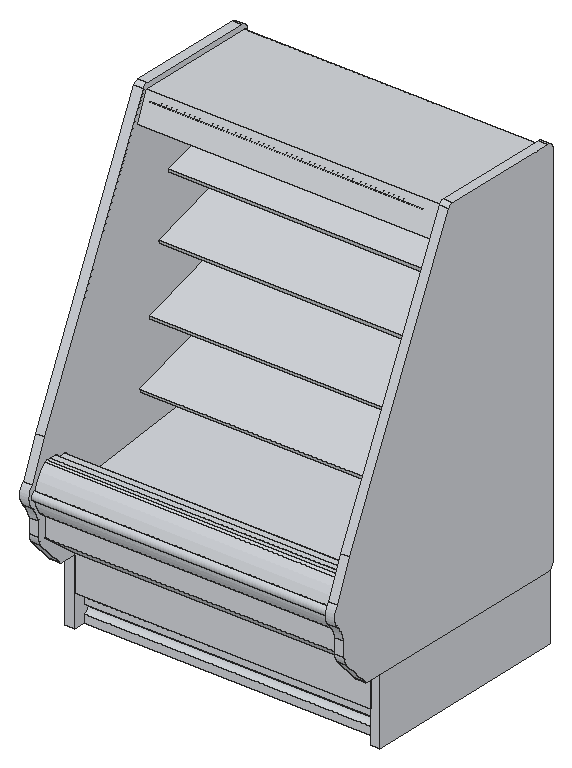
Revit family "O5UM-NRG", category Mechanical Equipment, Revit 2017
Family settings
  Round Connector Dimension = Use Radius
  Part Type = Normal
  OmniClass Number = 23.40.40.11.17
  OmniClass Title = Refrigerated Cases
  Work Plane-Based = Yes
  Always vertical = Yes
  Cut with Voids When Loaded = No
  Shared = No
  Room Calculation Point = No
Parameters (values of type "O5UM-NRG-04'")
  WIDTH = 43 1/4"  # constant formula
  WEIGHT = 0.00 lbf  # constant formula
  WATER LINE MOUNTING HEIGHT ABOVE FLOOR = 0"  # constant formula
  VOLTAGE = 120 V  # constant formula
  URL = "http://www.hillphoenix.com/?s=O5UM"
  Timed-Off Defrost Termination Temp = 42 °F
  Timed-Off Defrost Fail-Safe (Min) = "30"
  TIME OFF DEFROST = yes
  T8 LIGHTING BTU ADD PER ROW = 92
  T8 LIGHTING AMPS = T8 LIGHTING AMPS PER ROW * (SHELF LIGHT ROWS + CORNICE AND NOSE LIGHT ROWS)  # 0.23 A
  Superheat Set Point @ Bulb (°F) = "6-8"  # constant formula
  Standard Power Watts = 5.9 W
  Standard Power Amps = 0.05 A
  SHELF LIGHT ROWS = 1
  REVERSE AIR DEFROST = no
  REF PIPE LENGTH = 22 3/4"
  PARALLEL EVAPORATOR LOAD = (BTU PER FOOT PARALLEL * LENGTH FOR BTU) + BTU ADD FOR LIGHTS  # 4368
  Number of Fans = 1
  Lights Per Row = 1
  Light Length = "4'"
  LIGHTING WATTAGE = if(T8 LIGHT OR LED LIGHT, T8 LIGHTING WATTAGE, LED LIGHTING WATTAGE)  # 27.6 VA
  LIGHT AMPS = if(T8 LIGHT OR LED LIGHT, T8 LIGHTING AMPS, LED LIGHTING AMPS)  # 0.23 A
  TOTAL CASE WATTAGE = FAN WATTAGE + ANTI SWEAT HEATER WATTAGE + LIGHTING WATTAGE  # 41.6 W
  TOTAL CASE AMPS = ANTI SWEAT HEATER AMPS + FAN AMPS + LIGHT AMPS  # 0.43 A
  TOTAL APPARENT FAN-LIGHT AND A/S LOAD = TOTAL CASE WATTAGE / POWER FACTOR  # 41.6 VA
  TOEKICK INSET = 1 1/2"  # constant formula
  TOEKICK HEIGHT = 5 1/2"  # constant formula
  TOE KICK [instance] = none
  T8 LIGHTING WATTAGE = VOLTAGE * T8 LIGHTING AMPS  # 27.6 W
  T8 LIGHTING AMPS PER ROW = 0.23 A
  T8 LIGHT OR LED LIGHT = yes
  SUCTION LINE RADIUS = 7/16"  # constant formula
  SUCTION LINE DIAMETER = SUCTION LINE RADIUS * 2  # 7/8"
  SUCTION LINE CONNECTION = "SUCTION LINE CONNECTION"  # constant formula
  SIZE OF HOT WATER HOOK-UP = 0"  # constant formula
  SIZE OF COLD WATER HOOK UP = 0"  # constant formula
  SHELVE LENGTH = 48"
  SET BACK MODE FOR ENERGY CONSERVATION = "NO"  # constant formula
  RUBBER BUMPER [instance] = none
  RIGHT END [instance] = yes
  REFRIGERATION PIPING [instance] = none
  REF PLANE LEFT RIGHT = LENGTH / 2  # 24"
  REF PLANE FRONT BACK = WIDTH / 2  # 21 5/8"
  RECEPTICAL MOUNTING HEIGHT ABOVE FLOOR = 19 3/4"  # constant formula
  REAR REFRIGERATION [instance] = no
  PVC PIPE [instance] = none
  PRESSURE REGULATOR = 0.00 psi  # constant formula
  POWER FACTOR = 1  # constant formula
  PNET NUMBER = "NA"  # constant formula
  PHASE = 1  # constant formula
  PAINTED METAL UPPER SHELF [instance] = none
  PAINTED METAL INTERIOR [instance] = none
  PAINTED METAL EXTERIOR [instance] = none
  NUMBER OF WIRES = 3  # constant formula
  NEMA PLUG TYPE = "N/A"  # constant formula
  Model = "O5UM-NRG"
  Manufacturer = "HILL PHOENIX"  # constant formula
  MASTER BUMPER [instance] = none
  LIQUID LINE RADIUS = 3/16"  # constant formula
  LIQUID LINE DIAMETER = LIQUID LINE RADIUS * 2  # 3/8"
  LIQUID LINE CONNECTION = "LIQUID LINE CONNECTION"  # constant formula
  LIGHTING NUMBER OF POLES = 1
  LIGHTING CONNECTION DESCRIPTION = "LIGHTING CONNECTOR"  # constant formula
  LIGHTING APPARENT LOAD = (VOLTAGE * LIGHT AMPS) / POWER FACTOR  # 27.6 VA
  LIGHT TYPE = if(T8 LIGHT OR LED LIGHT, "T8 FLUORESCENT", "CLEARVOYANT LED")  # "T8 FLUORESCENT"
  LENGTH FOR BTU = LENGTH / 12"  # 4
  LENGTH = 48"
  LEGEND NUMBER = Model  # "O5UM-NRG"
  LEFT END [instance] = yes
  LED LIGHTING WATTAGE = VOLTAGE * LED LIGHTING AMPS  # 12 W
  LED LIGHTING BTU ADD PER ROW = 36
  LED LIGHTING AMPS PER ROW = 0.1 A
  LED LIGHTING AMPS = LED LIGHTING AMPS PER ROW * (SHELF LIGHT ROWS + CORNICE AND NOSE LIGHT ROWS)  # 0.1 A
  Keynote = "DAIRY/DELI/PRODUCE"  # constant formula
  ISOLATED GROUND REQUIRED = "NO"  # constant formula
  High Power (Cornice) Watts = 21.5 W
  High Power (Cornice) Amps = 0.18 A
  High Efficiency Watts = 14 W
  High Efficiency Amps = 0.2 A
  HOT GAS DEFROST = no
  HILL PHOENIX DRAWING NUMBER = "NA"  # constant formula
  HEIGHT = 66 1/8"  # constant formula
  GROUND FAULT PROTECTION = "NO"  # constant formula
  Front Sill Height = "All"
  FRONT PANEL [instance] = none
  FAN WATTAGE = 14 W
  FAN TYPE = "ECM"  # constant formula
  FAN QUANTITY = 1
  FAN NUMBER OF POLES = 1
  FAN CONNECTOR DESCRIPTION = "FAN AND ANTI SWEAT CONNECTOR"  # constant formula
  FAN APPARENT LOAD = (VOLTAGE * FAN AMPS) / POWER FACTOR  # 24 VA
  FAN AND ANTI SWEAT HEATER APPARENT LOAD = FAN APPARENT LOAD + ANTI SWEAT APPARENT LOAD  # 24 VA
  FAN AMPS = 0.2 A
  Evaporator (°F) = 28 °F
  EVAPORATOR TEMPERATURE = 28 °F  # constant formula
  ENGINEERING CONTACT = ""  # constant formula
  END PANEL [instance] = none
  ELECTRICAL DEFROST VOLTAGE = if(ELECTRIC DEFROST, 208 V, 0 V)  # 0 V
  ELECTRIC DEFROST = no
  Discharge Air Velocity (FPM) = 180 FPM  # constant formula
  Discharge Air (°F) = 31 °F
  Description = "MULTI DECK MERCHANDISER"  # constant formula
  Defrosts Per Day = 6
  Default Elevation = 48"
  DRIP PAN PLUMB TYPE = "HARD"  # constant formula
  DRAIN PIPE TYPE = "PVC"  # constant formula
  DRAIN PIPE LENGTH = 12"
  DRAIN LINE RADIUS = DRAIN LINE DIAMETER / 2  # 3/4"
  DRAIN LINE DIAMETER = 1 1/2"  # constant formula
  DRAIN LINE CONNECTION = "Drain Connection"  # constant formula
  DRAIN [instance] = yes
  DISCLAIMER [instance] = yes
  DISCHARGE AIR TEMPERATURE = 31 °F  # constant formula
  DIEBOARD HEIGHT = 0"  # constant formula
  DESIGNERS NAME = "PRAVEEN.J"  # constant formula
  DEFROST WATTAGE = ELECTRICAL DEFROST VOLTAGE * DEFROST AMPS  # 0 W
  DEFROST TIME AND DURATION = if(TIME OFF DEFROST, "2 @ 60 MIN", if(HOT GAS DEFROST, "2 @ 26 MIN.", "2 @ 40 MIN."))  # "2 @ 60 MIN"
  DEFROST PHASE = 1
  DEFROST AMPS = 0 A  # constant formula
  DEDICATED CIRCUIT = "YES"  # constant formula
  DATE = "08/01/12"  # constant formula
  CORNICE AND NOSE LIGHT ROWS = 0  # constant formula
  CONVENTIONAL EVAPORATOR LOAD = (BTU PER FOOT CONVENTIONAL * LENGTH FOR BTU) + BTU ADD FOR LIGHTS  # 4732
  CONTROL TYPE = "T-STAT"  # constant formula
  COIL REFRIGERATION CHARGE = 0.00 lbf
  CERTIFICATIONS = "NSF 7, UL471, CSA"  # constant formula
  BTUH Parallel = 1000
  BTUH Conventional = 1143
  BTU PER FOOT PARALLEL = 1000  # constant formula
  BTU PER FOOT CONVENTIONAL = 1091  # constant formula
  BTU ADD PER SHELF PER FOOT = if(T8 LIGHT OR LED LIGHT, T8 LIGHTING BTU ADD PER ROW, LED LIGHTING BTU ADD PER ROW)  # 92
  BTU ADD FOR LIGHTS = BTU ADD PER SHELF PER FOOT * SHELF LIGHT ROWS * LENGTH FOR BTU  # 368
  BOTTOM REFRIGERATION [instance] = yes
  BOTTOM ELECTRICAL [instance] = yes
  BASE HEIGHT = 5 1/8"  # constant formula
  BASE [instance] = none
  Assembly Code = ""
  Application Discipline = "Dairy/Deli/Produce"
  ANTI SWEAT HEATER WATTAGE = ANTI SWEAT HEATER AMPS * VOLTAGE  # 0 W
  ANTI SWEAT HEATER AMPS = 0 A  # constant formula
  ANTI SWEAT APPARENT LOAD = (ANTI SWEAT HEATER AMPS * VOLTAGE) * POWER FACTOR  # 0 VA
  SHELVE 2 = no
  SHELVE 1 = yes
  SHELVE 3 = no
  5" BF = no
  11" BF = yes
Types (12): name | T8 LIGHTING BTU ADD PER ROW | T8 LIGHTING AMPS | Standard Power Watts | Standard Power Amps | SHELF LIGHT ROWS | REF PIPE LENGTH | PARALLEL EVAPORATOR LOAD | Number of Fans | Lights Per Row | Light Length | LIGHTING WATTAGE | LIGHT AMPS | TOTAL CASE WATTAGE | TOTAL CASE AMPS | TOTAL APPARENT FAN-LIGHT AND A/S LOAD | T8 LIGHTING WATTAGE | T8 LIGHTING AMPS PER ROW | SHELVE LENGTH | REF PLANE LEFT RIGHT | Model | LIGHTING APPARENT LOAD | LENGTH FOR BTU | LENGTH | LEGEND NUMBER | LED LIGHTING WATTAGE | LED LIGHTING BTU ADD PER ROW | LED LIGHTING AMPS PER ROW | LED LIGHTING AMPS | High Power (Cornice) Watts | High Power (Cornice) Amps | High Efficiency Watts | High Efficiency Amps | Front Sill Height | FAN WATTAGE | FAN QUANTITY | FAN APPARENT LOAD | FAN AND ANTI SWEAT HEATER APPARENT LOAD | FAN AMPS | Evaporator (°F) | Discharge Air (°F) | DRAIN PIPE LENGTH | CONVENTIONAL EVAPORATOR LOAD | BTUH Parallel | BTUH Conventional | BTU ADD PER SHELF PER FOOT | BTU ADD FOR LIGHTS | Application Discipline | SHELVE 2 | SHELVE 3 | 5" BF
  O5UM-NRG-12' | 92 | 2.1 A | 17.6 W | 0.15 A | 3 | 28 5/8" | 15312 | 3 | 3 | "4'" | 252 VA | 2.1 A | 294 W | 2.7 A | 294 VA | 252 W | 0.7 A | 48" | 72" | "O5UM-NRG-12'" | 252 VA | 12 | 144" | "O5UM-NRG-12'" | 108 W | 36 | 0.3 A | 0.9 A | 44.8 W | 0.37 A | 42 W | 0.6 A | "All" | 42 W | 3 | 72 VA | 72 VA | 0.6 A | 28 °F | 31 °F | 0" | 16404 | 1000 | 1143 | 92 | 3312 | "Dairy/Deli/Produce" | yes | yes | yes
  O5UM-NRG-08' | 92 | 0.94 A | 11.8 W | 0.1 A | 2 | 28 5/8" | 9472 | 2 | 2 | "4'" | 112.8 VA | 0.94 A | 140.8 W | 1.34 A | 140.8 VA | 112.8 W | 0.47 A | 48" | 48" | "O5UM-NRG-8'" | 112.8 VA | 8 | 96" | "O5UM-NRG-8'" | 48 W | 36 | 0.2 A | 0.4 A | 29.9 W | 0.25 A | 28 W | 0.4 A | "All" | 28 W | 2 | 48 VA | 48 VA | 0.4 A | 28 °F | 31 °F | 0" | 10200 | 1000 | 1143 | 92 | 1472 | "Dairy/Deli/Produce" | no | yes | yes
  O5UM-NRG-06' | 69 | 0.74 A | 9.4 W | 0.08 A | 2 | 28 5/8" | 6828 | 2 | 2 | "3'" | 88.8 VA | 0.74 A | 116.8 W | 1.14 A | 116.8 VA | 88.8 W | 0.37 A | 36" | 36" | "O5UM-NRG-6'" | 88.8 VA | 6 | 72" | "O5UM-NRG-6'" | 33.6 W | 27 | 0.14 A | 0.28 A | 23.8 W | 0.2 A | 28 W | 40 A | "All" | 28 W | 2 | 48 VA | 48 VA | 0.4 A | 28 °F | 31 °F | 0" | 7374 | 1000 | 1143 | 69 | 828 | "Dairy/Deli/Produce" | no | yes | no
  O5UM-NRG-04' | 92 | 0.23 A | 5.9 W | 0.05 A | 1 | 22 3/4" | 4368 | 1 | 1 | "4'" | 27.6 VA | 0.23 A | 41.6 W | 0.43 A | 41.6 VA | 27.6 W | 0.23 A | 48" | 24" | "O5UM-NRG" | 27.6 VA | 4 | 48" | "O5UM-NRG" | 12 W | 36 | 0.1 A | 0.1 A | 21.5 W | 0.18 A | 14 W | 0.2 A | "All" | 14 W | 1 | 24 VA | 24 VA | 0.2 A | 28 °F | 31 °F | 12" | 4732 | 1000 | 1143 | 92 | 368 | "Dairy/Deli/Produce" | no | no | no
  O5UM-NRG-04' - Dairy/Deli/Produce | 92 | 0.23 A | 5.9 W | 0.05 A | 1 | 22 3/4" | 4368 | 1 | 1 | "4'" | 27.6 VA | 0.23 A | 41.6 W | 0.43 A | 41.6 VA | 27.6 W | 0.23 A | 48" | 24" | "O5UM-NRG" | 27.6 VA | 4 | 48" | "O5UM-NRG" | 12 W | 36 | 0.1 A | 0.1 A | 21.5 W | 0.18 A | 14 W | 0.2 A | "All" | 14 W | 1 | 24 VA | 24 VA | 0.2 A | 28 °F | 31 °F | 12" | 4732 | 1000 | 1143 | 92 | 368 | "Dairy/Deli/Produce" | no | no | no
  O5UM-NRG-06' - Dairy/Deli/Produce | 69 | 0.74 A | 9.4 W | 0.08 A | 2 | 28 5/8" | 6828 | 2 | 2 | "3'" | 88.8 VA | 0.74 A | 116.8 W | 1.14 A | 116.8 VA | 88.8 W | 0.37 A | 36" | 36" | "O5UM-NRG-6'" | 88.8 VA | 6 | 72" | "O5UM-NRG-6'" | 33.6 W | 27 | 0.14 A | 0.28 A | 23.8 W | 0.2 A | 28 W | 40 A | "All" | 28 W | 2 | 48 VA | 48 VA | 0.4 A | 28 °F | 31 °F | 0" | 7374 | 1000 | 1143 | 69 | 828 | "Dairy/Deli/Produce" | no | yes | no
  O5UM-NRG-08' - Dairy/Deli/Produce | 92 | 0.94 A | 11.8 W | 0.1 A | 2 | 28 5/8" | 9472 | 2 | 2 | "4'" | 112.8 VA | 0.94 A | 140.8 W | 1.34 A | 140.8 VA | 112.8 W | 0.47 A | 48" | 48" | "O5UM-NRG-8'" | 112.8 VA | 8 | 96" | "O5UM-NRG-8'" | 48 W | 36 | 0.2 A | 0.4 A | 29.9 W | 0.25 A | 28 W | 0.4 A | "All" | 28 W | 2 | 48 VA | 48 VA | 0.4 A | 28 °F | 31 °F | 0" | 10200 | 1000 | 1143 | 92 | 1472 | "Dairy/Deli/Produce" | no | yes | yes
  O5UM-NRG-12' - Dairy/Deli/Produce | 92 | 2.1 A | 17.6 W | 0.15 A | 3 | 28 5/8" | 15312 | 3 | 3 | "4'" | 252 VA | 2.1 A | 294 W | 2.7 A | 294 VA | 252 W | 0.7 A | 48" | 72" | "O5UM-NRG-12'" | 252 VA | 12 | 144" | "O5UM-NRG-12'" | 108 W | 36 | 0.3 A | 0.9 A | 44.8 W | 0.37 A | 42 W | 0.6 A | "Extended" | 42 W | 3 | 72 VA | 72 VA | 0.6 A | 28 °F | 31 °F | 0" | 16404 | 1000 | 1143 | 92 | 3312 | "Dairy/Deli/Produce" | yes | yes | yes
  O5UM-NRG-04' - Meat | 92 | 0.23 A | 5.9 W | 0.05 A | 1 | 22 3/4" | 4368 | 1 | 1 | "4'" | 27.6 VA | 0.23 A | 41.6 W | 0.43 A | 41.6 VA | 27.6 W | 0.23 A | 48" | 24" | "O5UM-NRG" | 27.6 VA | 4 | 48" | "O5UM-NRG" | 12 W | 36 | 0.1 A | 0.1 A | 21.5 W | 0.18 A | 14 W | 0.2 A | "Extended" | 14 W | 1 | 24 VA | 24 VA | 0.2 A | 26 °F | 30 °F | 12" | 4732 | 992 | 1133 | 92 | 368 | "Meat" | no | no | no
  O5UM-NRG-06' - Meat | 69 | 0.74 A | 9.4 W | 0.08 A | 2 | 28 5/8" | 6828 | 2 | 2 | "3'" | 88.8 VA | 0.74 A | 116.8 W | 1.14 A | 116.8 VA | 88.8 W | 0.37 A | 36" | 36" | "O5UM-NRG-6'" | 88.8 VA | 6 | 72" | "O5UM-NRG-6'" | 33.6 W | 27 | 0.14 A | 0.28 A | 23.8 W | 0.2 A | 28 W | 40 A | "Extended" | 28 W | 2 | 48 VA | 48 VA | 0.4 A | 26 °F | 30 °F | 0" | 7374 | 992 | 1133 | 69 | 828 | "Meat" | no | yes | no
  O5UM-NRG-08' - Meat | 92 | 0.94 A | 11.8 W | 0.1 A | 2 | 28 5/8" | 9472 | 2 | 2 | "4'" | 112.8 VA | 0.94 A | 140.8 W | 1.34 A | 140.8 VA | 112.8 W | 0.47 A | 48" | 48" | "O5UM-NRG-8'" | 112.8 VA | 8 | 96" | "O5UM-NRG-8'" | 48 W | 36 | 0.2 A | 0.4 A | 29.9 W | 0.25 A | 28 W | 0.4 A | "Extended" | 28 W | 2 | 48 VA | 48 VA | 0.4 A | 26 °F | 30 °F | 0" | 10200 | 992 | 1133 | 92 | 1472 | "Meat" | no | yes | yes
  O5UM-NRG-12' - Meat | 92 | 2.1 A | 17.6 W | 0.15 A | 3 | 28 5/8" | 15312 | 3 | 3 | "4'" | 252 VA | 2.1 A | 294 W | 2.7 A | 294 VA | 252 W | 0.7 A | 48" | 72" | "O5UM-NRG-12'" | 252 VA | 12 | 144" | "O5UM-NRG-12'" | 108 W | 36 | 0.3 A | 0.9 A | 44.8 W | 0.37 A | 42 W | 0.6 A | "Extended" | 42 W | 3 | 72 VA | 72 VA | 0.6 A | 26 °F | 30 °F | 0" | 16404 | 992 | 1133 | 92 | 3312 | "Meat" | yes | yes | yes
Reference planes (in)
  plane 1: z = 0.01963
  plane 2 "LEFT": x = 0
  plane 3 "CASE RIGHT": x = 48
  plane 4 "CASE BACK": y = -13.74044
  plane 5 "CENTER(LEFT/RIGHT)": x = 24
  plane 6 "CENTER(FRONT/BACK)": y = -35.36544
  plane 7 "FRONT": y = -56.99044
  plane 8: x = 39.3125
  plane 9: x = 39.8125
  plane 10: x = 38.8125
  plane 11: x = 44
  plane 12: x = 43.5
  plane 13: x = 44.5
  plane 14 "Ref Plum": y = -42.36544
  plane 15: x = 36
  plane 16: y = -36.49044
  plane 17: z = 5.125
  plane 18: z = 14.5
  plane 19: z = 66.125
  plane 20: z = 16.47066
  plane 21: z = 17.00047
Forms (in)
  Extrusion 1, solid, material <- "PAINTED METAL EXTERIOR"
    sketch origin (0, -0.05001, 0) x (0, 1, 0) y (0, 0, 1)
      loop
        line (-13.71443, 5.12547) -> (-13.71443, 65.10131) -> (-15.68913, 65.10131) -> (-15.68913, 14.32998)
        arc (-15.68913, 14.32998) -> (-17.39121, 10.16243) -> (-21.50473, 8.33363) r 6.03269
        line (-21.50473, 8.33363) -> (-38.98866, 7.70433) -> (-40.66357, 6.48762) -> (-40.74048, 6.48493) -> (-41.25938, 6.18535) -> (-43.63438, 6.18535) -> (-43.95863, 6.37255) -> (-44.04264, 6.36962) -> (-45.99545, 7.45213)
        arc (-45.99545, 7.45213) -> (-50.3728, 9.13243) -> (-52.20485, 13.44847) r 6
        line (-52.20485, 13.44847) -> (-52.20485, 15.40372) -> (-54.15385, 15.40372) -> (-54.15385, 10.0112) -> (-48.10243, 5.12547) -> (-13.71443, 5.12547)
    from 0 to 48
  Extrusion 2, solid, material <- "PAINTED METAL INTERIOR"
    sketch origin (0, 0, 0) x (0, 1, 0) y (0, 0, 1)
      loop
        line (-15.73914, 63.30502) -> (-17.80758, 63.30502) -> (-17.80758, 18.52536)
        arc (-17.80758, 18.52536) -> (-17.9419, 18.18436) -> (-18.2727, 18.02658) r 0.5
        line (-18.2727, 18.02658) -> (-21.51575, 17.7998) -> (-21.5349, 18.0736) -> (-48.3432, 14.86194) -> (-50.06733, 14.86194) -> (-50.06733, 20.25346)
        arc (-50.06733, 20.25346) -> (-50.15872, 20.47407) -> (-50.37933, 20.56546) r 0.312
        line (-50.37933, 20.56546) -> (-52.08579, 20.56546) -> (-52.08579, 21.00047)
        arc (-52.08579, 21.00047) -> (-52.1224, 21.08886) -> (-52.21079, 21.12547) r 0.125
        line (-52.21079, 21.12547) -> (-53.04579, 21.12547) -> (-53.04579, 15.40372) -> (-52.25486, 15.40372) -> (-52.25486, 13.44847)
        arc (-52.25486, 13.44847) -> (-50.4228, 9.13243) -> (-46.04546, 7.45213) r 6
        line (-46.04546, 7.45213) -> (-44.09265, 6.36962) -> (-44.00864, 6.37255) -> (-43.68439, 6.18535) -> (-41.30939, 6.18535) -> (-40.79049, 6.48493) -> (-40.71358, 6.48762) -> (-39.03866, 7.70433) -> (-21.55474, 8.33363)
        arc (-21.55474, 8.33363) -> (-17.44122, 10.16243) -> (-15.73914, 14.32998) r 6.03269
        line (-15.73914, 14.32998) -> (-15.73914, 63.30502)
    from 0 to 48
  Extrusion 3, solid, material <- "MASTER BUMPER"
    sketch origin (0, 0, 0.0625) x (0, 1, 0) y (0, 0, 1)
      loop
        line (-54.20386, 13.74321) -> (-54.20386, 15.34122) -> (-53.04579, 15.34122) -> (-53.04579, 21.06297) -> (-53.88079, 21.06297)
        arc (-53.88079, 21.06297) -> (-54.10885, 21.01988) -> (-54.30546, 20.89654) r 0.625
        arc (-54.30546, 20.89654) -> (-55.51823, 19.4172) -> (-56.28525, 17.66479) r 7
        arc (-56.28525, 17.66479) -> (-55.64386, 16.9661) -> (-56.31912, 16.30008) r 0.68301
        arc (-56.31912, 16.30008) -> (-55.90211, 14.98116) -> (-55.13953, 13.82708) r 4.99748
        arc (-55.13953, 13.82708) -> (-55.05566, 13.76514) -> (-54.95373, 13.74321) r 0.24774
        line (-54.95373, 13.74321) -> (-54.20386, 13.74321)
    from 0 to 48
  Extrusion 4, solid, material <- "RUBBER BUMPER"
    sketch origin (0, 0, 0.0625) x (0, 1, 0) y (0, 0, 1)
      loop
        arc (-56.3163, 17.66652) -> (-56.97653, 16.9842) -> (-56.3163, 16.30187) r 0.68269
        arc (-56.3163, 16.30187) -> (-55.65607, 16.9842) -> (-56.3163, 17.66652) r 0.68269
    from 0 to 48
  Extrusion 5, solid, material <- "PAINTED METAL EXTERIOR"
    sketch origin (0, 0, -2.625) x (0, 1, 0) y (0, 0, 1)
      loop
        line (-17.80758, 65.59566) -> (-17.80758, 65.93002) -> (-15.73914, 65.93002) -> (-15.73914, 67.72631) -> (-13.74044, 67.72631) -> (-13.74044, 68.719)
        arc (-13.74044, 68.719) -> (-13.74952, 68.74092) -> (-13.77144, 68.75) r 0.031
        line (-13.77144, 68.75) -> (-33.74213, 68.75) -> (-35.51207, 64.43922) -> (-35.16169, 64.19388) -> (-33.62994, 67.85752) -> (-29.03568, 66.31538) -> (-29.00611, 66.37879) -> (-29.08119, 66.41041) -> (-28.69306, 67.33201) -> (-25.00664, 65.77951) -> (-25.39476, 64.85791) -> (-25.59191, 64.94093) -> (-25.613, 64.88551) -> (-25.24943, 64.73239) -> (-24.89647, 65.59566) -> (-17.80758, 65.59566)
    from 0 to 48
  Extrusion 6, void
    sketch origin (-240, -13.74044, 81.67207) x (0, 0, -1) y (-1, 0, 0)
      loop
        circle (67.17207, -284) r 1.25
    from 0 to -5
  Extrusion 7, solid, material <- "REFRIGERATION PIPING", visible <- "REAR REFRIGERATION"
    sketch origin (-240, -13.74044, 81.67207) x (0, 0, 1) y (-1, 0, 0)
      loop
        circle (-67.17207, -284.5) r 0.4375
      loop
        circle (-67.17207, -283.5) r 0.1875
    from 0 to 5
  Sweep 8, solid, material <- "END PANEL", visible <- "RIGHT END"
    path origin (0, 0, 0) x (1, 0, 0) y (0, 1, 0)
      loop
        line (48, -1.57819) -> (49.5, -1.57819)
    profile origin (48.75, -1.57819, 0) x (0, 1, 0) y (0, 0, 1)
      loop
        line (-11.58377, 5.83765) -> (-11.58377, 65.86872)
        arc (-11.58377, 65.86872) -> (-11.87666, 66.57583) -> (-12.58377, 66.86872) r 1
        line (-12.58377, 66.86872) -> (-31.76114, 66.86872)
        arc (-31.76114, 66.86872) -> (-32.24081, 66.73022) -> (-32.57283, 66.35736) r 0.89989
        line (-32.57283, 66.35736) -> (-52.59186, 24.53483) -> (-55.03408, 18.64618)
        arc (-55.03408, 18.64618) -> (-55.70439, 16.98007) -> (-55.08475, 15.29445) r 2.5
        arc (-55.08475, 15.29445) -> (-54.29981, 14.15759) -> (-53.79571, 12.87133) r 6
        line (-53.79571, 12.87133) -> (-53.79571, 10.45326)
        arc (-53.79571, 10.45326) -> (-53.66223, 9.73486) -> (-53.27961, 9.11235) r 2
        line (-53.27961, 9.11235) -> (-49.71463, 5.1672)
        arc (-49.71463, 5.1672) -> (-49.3786, 4.92375) -> (-48.97268, 4.83765) r 1
        line (-48.97268, 4.83765) -> (-12.58377, 4.83765)
        arc (-12.58377, 4.83765) -> (-11.87666, 5.13055) -> (-11.58377, 5.83765) r 1
  Sweep 9, solid, material <- "END PANEL", visible <- "LEFT END"
    path origin (144, 0, 0) x (-1, 0, 0) y (0, 1, 0)
      loop
        line (144, -1.57819) -> (145.5, -1.57819)
    profile origin (-0.75, -1.57819, 0) x (0, -1, 0) y (0, 0, 1)
      loop
        arc (11.58377, 5.83765) -> (11.87666, 5.13055) -> (12.58377, 4.83765) r 1
        line (12.58377, 4.83765) -> (48.97268, 4.83765)
        arc (48.97268, 4.83765) -> (49.3786, 4.92375) -> (49.71463, 5.1672) r 1
        line (49.71463, 5.1672) -> (53.27961, 9.11235)
        arc (53.27961, 9.11235) -> (53.66223, 9.73486) -> (53.79571, 10.45326) r 2
        line (53.79571, 10.45326) -> (53.79571, 12.87133)
        arc (53.79571, 12.87133) -> (54.29981, 14.15759) -> (55.08475, 15.29445) r 6
        arc (55.08475, 15.29445) -> (55.70439, 16.98007) -> (55.03408, 18.64618) r 2.5
        line (55.03408, 18.64618) -> (52.59186, 24.53483) -> (32.57283, 66.35736)
        arc (32.57283, 66.35736) -> (32.24081, 66.73022) -> (31.76114, 66.86872) r 0.89989
        line (31.76114, 66.86872) -> (12.58377, 66.86872)
        arc (12.58377, 66.86872) -> (11.87666, 66.57583) -> (11.58377, 65.86872) r 1
        line (11.58377, 65.86872) -> (11.58377, 5.83765)
  Extrusion 10, solid, material <- "PAINTED METAL INTERIOR"
    sketch origin (0, 0, -5.85353) x (0, 1, 0) y (0, 0, 1)
      loop
        line (-25.39476, 68.04541) -> (-25.00664, 68.96701) -> (-28.69306, 70.51951) -> (-29.08119, 69.59791) -> (-25.39476, 68.04541)
    from 0 to 48
  Extrusion 11, solid
    sketch origin (0, 0, 0) x (0, 1, 0) y (0, 0, 1)
      loop
        line (-17.80758, 56.05425) -> (-29.28324, 52.54579) -> (-29.11951, 52.01026) -> (-26.89603, 52.69005) -> (-26.80038, 52.57765) -> (-21.37644, 53.26032)
        arc (-21.37644, 53.26032) -> (-20.68454, 53.28324) -> (-20.01289, 53.11553) r 2.5
        line (-20.01289, 53.11553) -> (-19.17448, 52.77715)
        arc (-19.17448, 52.77715) -> (-18.83516, 52.70509) -> (-18.49164, 52.75328) r 1
        line (-18.49164, 52.75328) -> (-17.80758, 52.97521) -> (-17.80758, 56.05425)
      loop
        line (-17.80758, 47.1678) -> (-31.19585, 43.0746) -> (-31.03212, 42.53907) -> (-28.86251, 43.20239) -> (-28.76685, 43.08999) -> (-21.37644, 44.37388)
        arc (-21.37644, 44.37388) -> (-20.68454, 44.39679) -> (-20.01289, 44.22908) r 2.5
        line (-20.01289, 44.22908) -> (-19.17448, 43.89071)
        arc (-19.17448, 43.89071) -> (-18.83516, 43.81864) -> (-18.49164, 43.86683) r 1
        line (-18.49164, 43.86683) -> (-17.80758, 44.08876) -> (-17.80758, 47.1678)
      loop
        line (-17.80758, 37.58475) -> (-33.10846, 32.90681) -> (-32.94473, 32.37127) -> (-28.86251, 33.61934) -> (-28.76685, 33.50694) -> (-21.37644, 34.79083)
        arc (-21.37644, 34.79083) -> (-20.68454, 34.81374) -> (-20.01289, 34.64603) r 2.5
        line (-20.01289, 34.64603) -> (-19.17448, 34.30766)
        arc (-19.17448, 34.30766) -> (-18.83516, 34.23559) -> (-18.49164, 34.28378) r 1
        line (-18.49164, 34.28378) -> (-17.80758, 34.50571) -> (-17.80758, 37.58475)
      loop
        line (-18.49164, 25.17712) -> (-17.80758, 25.39904) -> (-17.80758, 28.47809) -> (-35.02107, 23.2154) -> (-34.85734, 22.67987) -> (-28.86251, 24.51267) -> (-28.76685, 24.40027) -> (-21.37644, 25.68416)
        arc (-21.37644, 25.68416) -> (-20.68454, 25.70708) -> (-20.01289, 25.53937) r 2.5
        line (-20.01289, 25.53937) -> (-19.17448, 25.20099)
        arc (-19.17448, 25.20099) -> (-18.83516, 25.12893) -> (-18.49164, 25.17712) r 1
    from 0 to 48
  Extrusion 12, solid, material <- "BASE", visible <- "11" BF"
    sketch origin (0, 0, -5.87453) x (0, 1, 0) y (0, 0, 1)
      loop
        line (-13.74044, 0) -> (-13.74044, 11) -> (-44.99044, 11) -> (-44.99044, 0) -> (-43.61333, 0) -> (-43.61333, 1.81425) -> (-15.49656, 1.81425) -> (-15.49656, 0) -> (-13.74044, 0)
    from 0 to 48
  Extrusion 13, solid, material <- "TOE KICK", visible <- "11" BF"
    sketch origin (0, 4.05131, 0) x (0, 1, 0) y (0, 0, 1)
      loop
        line (-49.04175, 5.12547) -> (-52.20375, 5.12547) -> (-52.20375, -0.71055) -> (-50.2279, -0.71055) -> (-50.13398, -0.71055) -> (-49.25403, -0.53205) -> (-49.52561, -1.4011)
        arc (-49.52561, -1.4011) -> (-49.79035, -1.83842) -> (-50.2279, -2.10278) r 1.06887
        line (-50.2279, -2.10278) -> (-50.2279, -3.09321) -> (-50.0724, -3.09321) -> (-49.24284, -2.93481) -> (-49.51495, -3.79569)
        arc (-49.51495, -3.79569) -> (-49.79682, -4.25514) -> (-50.26129, -4.52868) r 1.11497
        line (-50.26129, -4.52868) -> (-50.26129, -5.87453) -> (-49.04175, -5.87453) -> (-49.04175, 5.12547)
    from 0 to 48 <- "LENGTH"
  Sweep 14, solid, material <- "END PANEL", visible <- "11" BF"
    path origin (0, 0, 0) x (1, 0, 0) y (0, 1, 0)
      loop
        line (0, -17.23914) -> (-1.5, -17.23914)
    profile origin (-0.75, -17.23914, 0) x (0, -1, 0) y (0, 0, 1)
      loop
        line (-3.4987, -5.87453) -> (30.9133, -5.87453) -> (30.9133, 4.81297) -> (-3.4987, 4.81297) -> (-3.4987, -5.87453)
  Sweep 15, solid, material <- "END PANEL", visible <- "11" BF"
    path origin (144, 0, 0) x (-1, 0, 0) y (0, 1, 0)
      loop
        line (96, -17.23914) -> (94.5, -17.23914)
    profile origin (48.75, -17.23914, 0) x (0, 1, 0) y (0, 0, 1)
      loop
        line (3.4987, -5.87453) -> (3.4987, 4.81297) -> (-30.9133, 4.81297) -> (-30.9133, -5.87453) -> (3.4987, -5.87453)
  Extrusion 16, solid
    sketch origin (0, 0, 0) x (0, 1, 0) y (0, 0, 1)
      loop
        circle (-30.8381, 63.41957) r 0.5
      loop
        circle (-32.51616, 64.19405) r 0.5
    from 0 to 48 <- "LENGTH"
Cuts and joins
  Extrusion 6 cuts Extrusion 1
Lines and regions (in)
  model lines
    curve 1: line (0, -56.97653, 16.9842) -> (0, -56.92948, 16.9842)
Dimensions and locks (in)
  "REF PLANE LEFT RIGHT": plane 2 "LEFT" to plane 5 "CENTER(LEFT/RIGHT)"
  "LENGTH": plane 2 "LEFT" to plane 3 "CASE RIGHT"
  "REF PLANE FRONT BACK": plane 6 "CENTER(FRONT/BACK)" to plane 4 "CASE BACK"
  plane 10 to plane 9 to plane 3 "CASE RIGHT" = 1" locked, 8 3/16" locked
  plane 10 to plane 8 to plane 3 "CASE RIGHT" = 1/2", 8 11/16"
  "WIDTH": plane 7 "FRONT" to plane 4 "CASE BACK"
  locked: plane 11 to plane 3 "CASE RIGHT" at 4
  plane 12 to plane 11 to plane 13 = 1/2", 1/2"
  plane 4 "CASE BACK" to plane 7 "FRONT" = 43 1/4"
  locked: Extrusion 6 sketch curve to plane 11 at 1.25
  locked: Extrusion 7 sketch curve to plane 13 at 0.4375
  locked: Extrusion 7 sketch curve to plane 12 at 0.1875
  "DRAIN PIPE LENGTH": plane 5 "CENTER(LEFT/RIGHT)" to plane 15
  "REF PIPE LENGTH": plane 4 "CASE BACK" to plane 16
  level to plane 18 = 14 1/2"
  Extrusion 5 to Extrusion 5 = 20.00169"
  Extrusion 2 to Extrusion 2 = 32.25975"
  Extrusion 11 to Extrusion 11 = 18"
  Extrusion 11 to Extrusion 11 = 16"
  Extrusion 11 to Extrusion 11 = 14"
  Extrusion 11 to Extrusion 11 = 12"
  Sweep 14 to Extrusion 12 sketch curve = 29.87289"
  Sweep 14 to Extrusion 13 = 32.46954"
  Sweep 14 to Extrusion 13 = 31 1/4"
  Sweep 14 to Extrusion 12 = 11"
  Sweep 14 to Extrusion 5 = 71.99953"
  plane 20 to Extrusion 5 = 46 1/2"
  Sweep 14 to Extrusion 3 = 27"
  Sweep 14 to plane 21 = 22 7/8"
  Extrusion 2 to Extrusion 5 = 42.2601"
  aligned and locked: plane 3 "CASE RIGHT" to Extrusion 2
  aligned and locked: plane 3 "CASE RIGHT" to Extrusion 3
  aligned and locked: plane 3 "CASE RIGHT" to Extrusion 1
  aligned and locked: plane 3 "CASE RIGHT" to Extrusion 5
  aligned and locked: plane 3 "CASE RIGHT" to Extrusion 4
  aligned and locked: plane 3 "CASE RIGHT" to Extrusion 10
  aligned and locked: Sweep 8 to Extrusion 11
  aligned and locked: Sweep 9 to Extrusion 11
Automatic sketch dimensions
  Extrusion 1 sketch curve to plane 7 "FRONT" = 2.78658"
  Extrusion 1 sketch curve to Extrusion 1 sketch curve = 1.949"
  plane 17 to Extrusion 1 sketch curve = 0.00047"
  plane 14 "Ref Plum" to Extrusion 1 sketch curve = 5.787"
  Extrusion 1 sketch curve to plane 18 = 1.05153"
  plane 14 "Ref Plum" to Extrusion 1 sketch curve = 3.88942"
  plane 17 to Extrusion 1 sketch curve = 2.32713"
  plane 14 "Ref Plum" to Extrusion 1 sketch curve = 1.72722"
  Extrusion 1 sketch curve to Extrusion 1 sketch curve = 0.08402"
  Extrusion 1 sketch curve to Extrusion 1 sketch curve = 0.32425"
  Extrusion 1 sketch curve to plane 14 "Ref Plum" = 1.05605"
  Extrusion 1 sketch curve to Extrusion 1 sketch curve = 0.5189"
  Extrusion 1 sketch curve to Extrusion 1 sketch curve = 0.07691"
  Extrusion 1 sketch curve to Extrusion 1 sketch curve = 1.67492"
  Extrusion 1 sketch curve to plane 18 = 0.13758"
  plane 4 "CASE BACK" to Extrusion 1 sketch curve = 8.0313"
  plane 17 to Extrusion 1 sketch curve = 3.20863"
  Extrusion 1 sketch curve to Extrusion 1 sketch curve = 0.217"
  Extrusion 1 sketch curve to plane 19 = 1.02369"
  plane 4 "CASE BACK" to Extrusion 1 sketch curve = 1.9987"
  plane 4 "CASE BACK" to Extrusion 1 sketch curve = 0.024"
  plane 17 to Extrusion 1 sketch curve = 1.06035"
  Extrusion 1 sketch curve to Extrusion 1 sketch curve = 0.18427"
  Extrusion 1 sketch curve to Extrusion 1 sketch curve = 0.00293"
  Extrusion 1 sketch curve to Extrusion 1 sketch curve = 0.29958"
  Extrusion 1 sketch curve to Extrusion 1 sketch curve = 0.00269"
  Extrusion 1 sketch curve to Extrusion 1 sketch curve = 1.21671"
  Extrusion 1 sketch curve to Extrusion 1 sketch curve = 3.43727"
  plane 18 to Extrusion 1 sketch curve = 0.90372"
  Extrusion 2 sketch curve to plane 7 "FRONT" = 3.94464"
  Extrusion 2 sketch curve to Extrusion 2 sketch curve = 0.79094"
  Extrusion 2 sketch curve to Extrusion 2 sketch curve = 0.835"
  Extrusion 2 sketch curve to Extrusion 2 sketch curve = 1/8"
  Extrusion 2 sketch curve to Extrusion 2 sketch curve = 1.70646"
  plane 18 to Extrusion 2 sketch curve = 0.36194"
  Extrusion 2 sketch curve to Extrusion 2 sketch curve = 2.18752"
  Extrusion 2 sketch curve to Extrusion 2 sketch curve = 1.72413"
  Extrusion 2 sketch curve to plane 18 = 1.05153"
  Extrusion 2 sketch curve to Extrusion 2 sketch curve = 2.08835"
  plane 17 to Extrusion 2 sketch curve = 2.32713"
  plane 14 "Ref Plum" to Extrusion 2 sketch curve = 1.72722"
  Extrusion 2 sketch curve to Extrusion 2 sketch curve = 0.08402"
  Extrusion 2 sketch curve to Extrusion 2 sketch curve = 0.32425"
  Extrusion 2 sketch curve to plane 14 "Ref Plum" = 1.05605"
  Extrusion 2 sketch curve to Extrusion 2 sketch curve = 0.5189"
  Extrusion 2 sketch curve to Extrusion 2 sketch curve = 0.07691"
  Extrusion 2 sketch curve to Extrusion 2 sketch curve = 1.67492"
  Extrusion 2 sketch curve to plane 18 = 0.13758"
  plane 4 "CASE BACK" to Extrusion 2 sketch curve = 8.0313"
  plane 17 to Extrusion 2 sketch curve = 3.20863"
  Extrusion 2 sketch curve to Extrusion 2 sketch curve = 0.217"
  plane 18 to Extrusion 2 sketch curve = 3.5736"
  Extrusion 2 sketch curve to Extrusion 2 sketch curve = 0.23684"
  plane 18 to Extrusion 2 sketch curve = 3.2998"
  Extrusion 2 sketch curve to Extrusion 2 sketch curve = 0.01915"
  Extrusion 2 sketch curve to Extrusion 2 sketch curve = 3.22732"
  plane 18 to Extrusion 2 sketch curve = 3.52658"
  Extrusion 2 sketch curve to Extrusion 2 sketch curve = 1/2"
  plane 4 "CASE BACK" to Extrusion 2 sketch curve = 1.9987"
  plane 17 to Extrusion 2 sketch curve = 1.36262"
  Extrusion 2 sketch curve to Extrusion 2 sketch curve = 0.00269"
  plane 17 to Extrusion 2 sketch curve = 1.24755"
  Extrusion 2 sketch curve to Extrusion 2 sketch curve = 0.00293"
  Extrusion 2 sketch curve to Extrusion 2 sketch curve = 0.1872"
  Extrusion 2 sketch curve to Extrusion 2 sketch curve = 1.21671"
  plane 18 to Extrusion 2 sketch curve = 0.90372"
  Extrusion 2 sketch curve to Extrusion 2 sketch curve = 4.84973"
  Extrusion 2 sketch curve to Extrusion 2 sketch curve = 0.43502"
  Extrusion 2 sketch curve to plane 19 = 2.81998"
  Extrusion 3 sketch curve to plane 7 "FRONT" = 0.66379"
  Extrusion 3 sketch curve to plane 18 = 0.69429"
  Extrusion 3 sketch curve to plane 7 "FRONT" = 2.03671"
  Extrusion 3 sketch curve to Extrusion 3 sketch curve = 0.74987"
  Extrusion 3 sketch curve to plane 7 "FRONT" = 3.10964"
  Extrusion 3 sketch curve to Extrusion 3 sketch curve = 1.15806"
  Extrusion 3 sketch curve to Extrusion 3 sketch curve = 1.65432"
  Extrusion 3 sketch curve to Extrusion 3 sketch curve = 1.84224"
  Extrusion 3 sketch curve to Extrusion 3 sketch curve = 0.24774"
  plane 18 to Extrusion 3 sketch curve = 0.90372"
  plane 18 to Extrusion 3 sketch curve = 1.32305"
  plane 18 to Extrusion 3 sketch curve = 2.54554"
  Extrusion 3 sketch curve to Extrusion 3 sketch curve = 1.37212"
  Extrusion 3 sketch curve to Extrusion 3 sketch curve = 3.3053"
  Extrusion 3 sketch curve to Extrusion 3 sketch curve = 5/8"
  Extrusion 3 sketch curve to plane 7 "FRONT" = 0.67132"
  Extrusion 3 sketch curve to plane 7 "FRONT" = 0.70519"
  Extrusion 3 sketch curve to Extrusion 3 sketch curve = 0"
  Extrusion 4 sketch curve to plane 7 "FRONT" = 0.65167"
  Extrusion 4 sketch curve to Extrusion 4 sketch curve = 0.04493"
  plane 18 to Extrusion 4 sketch curve = 2.5467"
  Extrusion 4 sketch curve to Extrusion 4 sketch curve = 0"
  Extrusion 4 sketch curve to plane 7 "FRONT" = 0.67414"
  Extrusion 4 sketch curve to Extrusion 4 sketch curve = 0.68233"
  plane 11 to Extrusion 6 sketch curve = 0"
  Extrusion 6 sketch curve to plane 18 = 0"
  plane 12 to Extrusion 7 sketch curve = 0"
  Extrusion 7 sketch curve to plane 18 = 0"  (x2)
  plane 13 to Extrusion 7 sketch curve = 0"
  Sweep 8 sketch curve to plane 3 "CASE RIGHT" = 0"
  plane 3 "CASE RIGHT" to Sweep 8 sketch curve = 1 1/2"
  Sweep 8 sketch curve to plane 4 "CASE BACK" = 12.16225"
  level to Sweep 8 sketch curve = 11.33966"
  profile plane to Sweep 8 sketch curve = 59.59691"
  level to Sweep 8 sketch curve = 18.64618"
  Sweep 8 sketch curve to Sweep 8 sketch curve = 4.56283"
  Sweep 8 sketch curve to Sweep 8 sketch curve = 5.80121"
  level to Sweep 8 sketch curve = 9.11235"
  Sweep 8 sketch curve to Sweep 8 sketch curve = 0.5161"
  Sweep 8 sketch curve to Sweep 8 sketch curve = 1.8294"
  level to Sweep 8 sketch curve = 24.53483"
  Sweep 8 sketch curve to Sweep 8 sketch curve = 2.44222"
  Sweep 8 sketch curve to Sweep 8 sketch curve = 2"
  level to Sweep 8 sketch curve = 5.1672"
  Sweep 8 sketch curve to Sweep 8 sketch curve = 3.56498"
  Sweep 8 sketch curve to Sweep 8 sketch curve = 0.74195"
  profile plane to Sweep 8 sketch curve = 32.57283"
  Sweep 8 sketch curve to Sweep 8 sketch curve = 0.81169"
  profile plane to Sweep 8 sketch curve = 12.58377"  (x2)
  Sweep 8 sketch curve to Sweep 8 sketch curve = 1"
  Sweep 8 sketch curve to Sweep 8 sketch curve = 0.32955"
  Sweep 8 sketch curve to Sweep 8 sketch curve = 2.41807"
  Sweep 8 sketch curve to Sweep 8 sketch curve = 1.7039"
  Sweep 8 sketch curve to Sweep 8 sketch curve = 41.33389"
  Sweep 8 sketch curve to Sweep 8 sketch curve = 0.89989"
  Sweep 9 sketch curve to plane 2 "LEFT" = 0"
  plane 2 "LEFT" to Sweep 9 sketch curve = 1 1/2"
  plane 4 "CASE BACK" to Sweep 9 sketch curve = 12.16225"
  Sweep 9 sketch curve to profile plane = 11.58377"
  Sweep 9 sketch curve to Sweep 9 sketch curve = 1"  (x2)
  Sweep 9 sketch curve to Sweep 9 sketch curve = 19.17737"
  Sweep 9 sketch curve to Sweep 9 sketch curve = 0.81169"
  level to Sweep 9 sketch curve = 4.83765"
  Sweep 9 sketch curve to Sweep 9 sketch curve = 36.38891"
  level to Sweep 9 sketch curve = 5.1672"
  Sweep 9 sketch curve to Sweep 9 sketch curve = 0.74195"
  Sweep 9 sketch curve to Sweep 9 sketch curve = 2.82303"
  level to Sweep 9 sketch curve = 24.53483"
  Sweep 9 sketch curve to Sweep 9 sketch curve = 0.79616"
  Sweep 9 sketch curve to Sweep 9 sketch curve = 1.40897"
  level to Sweep 9 sketch curve = 9.11235"
  Sweep 9 sketch curve to Sweep 9 sketch curve = 1.4839"
  Sweep 9 sketch curve to Sweep 9 sketch curve = 2"
  level to Sweep 9 sketch curve = 18.64618"
  Sweep 9 sketch curve to Sweep 9 sketch curve = 1.8294"
  Sweep 9 sketch curve to Sweep 9 sketch curve = 5.80121"
  Sweep 9 sketch curve to Sweep 9 sketch curve = 0.88641"
  Sweep 9 sketch curve to Sweep 9 sketch curve = 2.41807"
  Sweep 9 sketch curve to Sweep 9 sketch curve = 1.7039"
  Sweep 9 sketch curve to Sweep 9 sketch curve = 41.33389"
  Sweep 9 sketch curve to Sweep 9 sketch curve = 0.89989"
  Extrusion 10 sketch curve to plane 19 = 2.38062"
  Extrusion 10 sketch curve to plane 6 "CENTER(FRONT/BACK)" = 6.28425"
  Extrusion 10 sketch curve to plane 19 = 1.45902"
  Extrusion 10 sketch curve to Extrusion 10 sketch curve = 0.38812"
  Extrusion 10 sketch curve to plane 19 = 3.93312"
  Extrusion 11 sketch curve to plane 6 "CENTER(FRONT/BACK)" = 0.34437"
  Extrusion 11 sketch curve to plane 6 "CENTER(FRONT/BACK)" = 0.5081"
  Extrusion 11 sketch curve to plane 6 "CENTER(FRONT/BACK)" = 2.25698"
  Extrusion 11 sketch curve to Extrusion 11 sketch curve = 0.16373"  (x3)
  Extrusion 11 sketch curve to plane 6 "CENTER(FRONT/BACK)" = 4.16959"
  Extrusion 11 sketch curve to plane 6 "CENTER(FRONT/BACK)" = 6.0822"
  Extrusion 11 sketch curve to Extrusion 11 sketch curve = 2.16961"
  Extrusion 11 sketch curve to Extrusion 11 sketch curve = 4.08222"
  Extrusion 11 sketch curve to Extrusion 11 sketch curve = 5.99483"
  Extrusion 11 sketch curve to Extrusion 11 sketch curve = 0.09566"  (x4)
  Extrusion 11 sketch curve to Extrusion 11 sketch curve = 2.22348"
  Extrusion 11 sketch curve to Extrusion 11 sketch curve = 7.39041"  (x3)
  Extrusion 11 sketch curve to Extrusion 11 sketch curve = 5.42394"
  Extrusion 11 sketch curve to Extrusion 11 sketch curve = 0.4279"  (x4)
  Extrusion 11 sketch curve to Extrusion 11 sketch curve = 1.36355"  (x4)
  Extrusion 11 sketch curve to Extrusion 11 sketch curve = 0.8384"  (x4)
  Extrusion 11 sketch curve to Extrusion 11 sketch curve = 0.37426"  (x4)
  Extrusion 11 sketch curve to Extrusion 11 sketch curve = 0.68285"  (x4)
  Extrusion 11 sketch curve to Extrusion 11 sketch curve = 0.68406"  (x3)
  Extrusion 11 sketch curve to Extrusion 11 sketch curve = 0.99264"
  plane 18 to Extrusion 11 sketch curve = 8.17987"
  Extrusion 11 sketch curve to Extrusion 11 sketch curve = 0.53553"  (x4)
  Extrusion 11 sketch curve to Extrusion 11 sketch curve = 5.25703"
  Extrusion 11 sketch curve to Extrusion 11 sketch curve = 0.1124"  (x4)
  Extrusion 11 sketch curve to Extrusion 11 sketch curve = 1.95607"  (x4)
  Extrusion 11 sketch curve to Extrusion 11 sketch curve = 0.02387"  (x4)
  Extrusion 11 sketch curve to Extrusion 11 sketch curve = 0.22192"  (x4)
  Extrusion 11 sketch curve to Extrusion 11 sketch curve = 0.33837"  (x4)
  Extrusion 11 sketch curve to Extrusion 11 sketch curve = 3.84963"
  Extrusion 11 sketch curve to Extrusion 11 sketch curve = 7.8586"
  Extrusion 11 sketch curve to Extrusion 11 sketch curve = 4.32601"
  Extrusion 11 sketch curve to Extrusion 11 sketch curve = 8.91973"
  Extrusion 11 sketch curve to Extrusion 11 sketch curve = 3.62941"
  Extrusion 11 sketch curve to Extrusion 11 sketch curve = 1.21304"
  Sweep 14 sketch curve to plane 2 "LEFT" = 0"
  Sweep 14 sketch curve to plane 2 "LEFT" = 1 1/2"
  plane 4 "CASE BACK" to Sweep 14 sketch curve = 3.4987"
  Sweep 15 sketch curve to plane 3 "CASE RIGHT" = 0"
  Sweep 15 sketch curve to plane 3 "CASE RIGHT" = 1 1/2"
  Sweep 15 sketch curve to plane 4 "CASE BACK" = 3.4987"
  curve 1 to plane 7 "FRONT" = 0.06095"
  curve 1 to plane 7 "FRONT" = 0.01391"
  Extrusion 12 sketch curve to plane 4 "CASE BACK" = 0"
  Extrusion 12 sketch curve to Extrusion 12 sketch curve = 1.37711"
  plane 4 "CASE BACK" to Extrusion 12 sketch curve = 1.75613"
  Extrusion 12 sketch curve to level = 5.87453"  (x2)
  Extrusion 12 sketch curve to Extrusion 12 sketch curve = 1.81425"
  plane 17 to Extrusion 12 sketch curve = 0.00047"
  Extrusion 16 sketch curve to plane 6 "CENTER(FRONT/BACK)" = 2.84928"
  Extrusion 16 sketch curve to Extrusion 16 sketch curve = 1.67806"
  Extrusion 16 sketch curve to plane 19 = 2.70543"
  Extrusion 16 sketch curve to Extrusion 16 sketch curve = 0.77449"
  plane 14 "Ref Plum" to Extrusion 13 sketch curve = 4.16133"
  Extrusion 13 sketch curve to level = 1.08229"
  Extrusion 13 sketch curve to Extrusion 13 sketch curve = 0.03225"
  Extrusion 13 sketch curve to Extrusion 13 sketch curve = 0.31679"
  Extrusion 13 sketch curve to Extrusion 13 sketch curve = 0.31793"
  Extrusion 13 sketch curve to Extrusion 13 sketch curve = 0.35018"
  Extrusion 13 sketch curve to level = 0.71055"
  Extrusion 13 sketch curve to Extrusion 13 sketch curve = 0.09392"
  Extrusion 13 sketch curve to Extrusion 13 sketch curve = 0.1555"
  Extrusion 13 sketch curve to level = 1.4011"
  Extrusion 13 sketch curve to Extrusion 13 sketch curve = 0.60838"
  Extrusion 13 sketch curve to Extrusion 13 sketch curve = 0.55746"
  Extrusion 13 sketch curve to level = 0.53205"
  Extrusion 13 sketch curve to Extrusion 13 sketch curve = 0.87995"
  Extrusion 13 sketch curve to Extrusion 13 sketch curve = 0.82956"
  Extrusion 13 sketch curve to Extrusion 13 sketch curve = 1.21954"
  Extrusion 13 sketch curve to Extrusion 13 sketch curve = 213/256"
  Extrusion 13 sketch curve to Extrusion 13 sketch curve = 0.99043"
  Extrusion 13 sketch curve to Extrusion 13 sketch curve = 0.36644"
  Extrusion 13 sketch curve to Extrusion 13 sketch curve = 0.70247"
  Extrusion 13 sketch curve to Extrusion 13 sketch curve = 1.34585"
  plane 17 to Extrusion 13 sketch curve = 0.00047"
  Extrusion 13 sketch curve to Extrusion 13 sketch curve = 1.65792"
  profile plane to Sweep 14 sketch curve = 3.4987"
  Sweep 14 sketch curve to level = 5.87453"
  Sweep 14 sketch curve to profile plane = 30.9133"
  level to Sweep 14 sketch curve = 4.81297"
  Sweep 15 sketch curve to level = 5.87453"
  profile plane to Sweep 15 sketch curve = 30.9133"
  Sweep 15 sketch curve to profile plane = 3.4987"
  level to Sweep 15 sketch curve = 4.81297"
  plane 18 to curve 1 = 2.4842"
  Extrusion 5 sketch curve to plane 19 = 0"
  Extrusion 5 sketch curve to plane 4 "CASE BACK" = 0"
  Extrusion 5 sketch curve to Extrusion 5 sketch curve = 0.031"
  plane 4 "CASE BACK" to Extrusion 5 sketch curve = 1.9987"
  Extrusion 5 sketch curve to Extrusion 5 sketch curve = 2.06844"
  Extrusion 5 sketch curve to plane 19 = 3.15434"
  Extrusion 5 sketch curve to Extrusion 5 sketch curve = 7.08888"
  Extrusion 5 sketch curve to plane 19 = 2.97049"
  Extrusion 5 sketch curve to Extrusion 5 sketch curve = 0.11017"
  Extrusion 5 sketch curve to plane 19 = 4.01761"
  Extrusion 5 sketch curve to Extrusion 5 sketch curve = 0.35297"
  Extrusion 5 sketch curve to plane 19 = 3.89209"
  Extrusion 5 sketch curve to Extrusion 5 sketch curve = 0.14533"
  Extrusion 5 sketch curve to plane 19 = 3.80907"
  Extrusion 5 sketch curve to Extrusion 5 sketch curve = 0.19715"
  Extrusion 5 sketch curve to plane 19 = 3.86449"
  Extrusion 5 sketch curve to Extrusion 5 sketch curve = 0.02109"
  Extrusion 5 sketch curve to plane 19 = 1 107/256"
  Extrusion 5 sketch curve to Extrusion 5 sketch curve = 3.10115"
  Extrusion 5 sketch curve to plane 19 = 2.37121"
  Extrusion 5 sketch curve to Extrusion 5 sketch curve = 0.31305"
  Extrusion 5 sketch curve to plane 19 = 2.43462"
  Extrusion 5 sketch curve to Extrusion 5 sketch curve = 0.02957"
  Extrusion 5 sketch curve to plane 19 = 2.33959"
  Extrusion 5 sketch curve to plane 6 "CENTER(FRONT/BACK)" = 1.7355"
  Extrusion 5 sketch curve to Extrusion 5 sketch curve = 0.11219"
  Extrusion 5 sketch curve to Extrusion 5 sketch curve = 0.33435"
  Extrusion 5 sketch curve to Extrusion 5 sketch curve = 0.99269"
  Extrusion 5 sketch curve to plane 19 = 0.89248"
  Extrusion 5 sketch curve to Extrusion 5 sketch curve = 3.4183"
  Extrusion 5 sketch curve to plane 6 "CENTER(FRONT/BACK)" = 0.20375"
  plane 6 "CENTER(FRONT/BACK)" to Extrusion 5 sketch curve = 0.14663"
  Extrusion 5 sketch curve to Extrusion 5 sketch curve = 0.24534"
  radius of Extrusion 16 sketch curve = 1/2"  (x2)
Connectors (in)
  piping at (44.5, -13.74044, 14.5), diameter 0.875, driven by "SUCTION LINE RADIUS"
    settings: on Extrusion 7, index 6, connector inside diameter 7/8", connector length 0", flow factor 0, pipe flow 0 GPM, pressure drop 0.00 psi, fitting loss kfactor 0, connector angle 0.000°, fixture units 0, engagement length 0", angle of deflection 0.000°, flow configuration 0, flow direction 2, fitting loss method 0, system type 22, joint type 0, gender type 0, connector reference index -1, connector utility 0, adjustable connector no, is connector primary yes, connector description "REAR SUCTION LINE CONNECTION"
  piping at (43.5, -13.74044, 14.5), diameter 0.375, driven by "LIQUID LINE RADIUS"
    settings: on Extrusion 7, index 7, connector inside diameter 3/8", connector length 0", flow factor 0, pipe flow 0 GPM, pressure drop 0.00 psi, fitting loss kfactor 0, connector angle 0.000°, fixture units 0, engagement length 0", angle of deflection 0.000°, flow configuration 0, flow direction 1, fitting loss method 0, system type 22, joint type 0, gender type 0, connector reference index -1, connector utility 0, adjustable connector no, is connector primary no, connector description "REAR LIQUID LINE CONNECTION"
